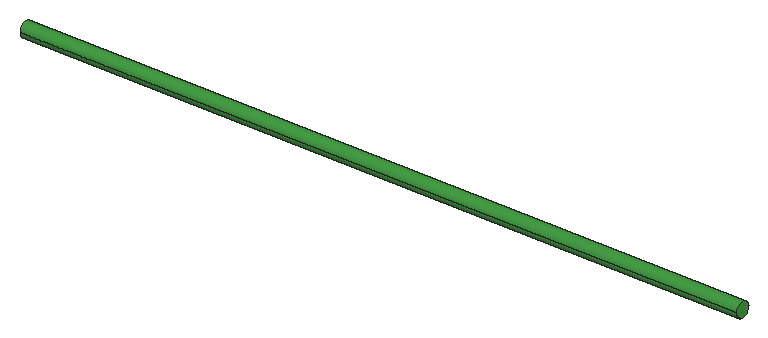
Revit family "Linear Thermal Bridge", category Generic Models, Revit 2018
Family settings
  Can host rebar = No
  Round Connector Dimension = Use Diameter
  Part Type = Normal
  Cut with Voids When Loaded = No
  Shared = No
  Room Calculation Point = No
Parameters (values of type "Ambient TB")
  Version = "1.0 - Oct 2023"
  Linear Thermal Bridge Material = Green
  built-in parameter 1001306 [instance] = 1000 mm
  ECCHO TB Psi Value [instance] = 0
  ECCHO TB Description Type [instance] = ""
  ECCHO Sync [instance] = yes
  ECCHO Length of Thermal Bridge [instance] = [built-in parameter 1001306]  # 1000 mm
Types (4, lengths in mm): name | Version | Linear Thermal Bridge Material
  (no name) | "1.0 - Oct 2023" | Green
  Ambient TB | "1.0 - Oct 2023" | Green
  Perimeter TB | "3.0 - Feb 2022" | Orange
  FS/BC Thermal Bridge | "3.0 - Feb 2022" | Red
Reference planes
  plane 1 "Center (Front/Back)": y = 0
  plane 2: z = 0
  plane 3 "Left": x = 0
  plane 4 "Right": x = 1000
Forms (mm)
  Extrusion 1, solid, material "Green" <- "Linear Thermal Bridge Material"
    sketch origin (0, 0, 0) x (0, 1, 0) y (0, 0, 1)
      loop
        circle (0, 0) r 10
    from 0 to 1000
Lines and regions (mm)
  reference lines
    curve 1: line (0, 0, 0) -> (1000, 0, 0)
Dimensions and locks
  "built-in parameter 1001306": plane 3 "Left" to plane 4 "Right"
  aligned and locked: plane 4 "Right" to curve 1
  aligned and locked: plane 1 "Center (Front/Back)" to curve 1
  aligned and locked: plane 3 "Left" to curve 1
  aligned and locked: level to plane 2
  aligned and locked: plane 4 "Right" to Extrusion 1
  aligned and locked: Extrusion 1 to plane 3 "Left"
Automatic sketch dimensions
  Extrusion 1 sketch curve to level = 0 mm
  Extrusion 1 sketch curve to plane 1 "Center (Front/Back)" = 0 mm
  radius of Extrusion 1 sketch curve = 10 mm
